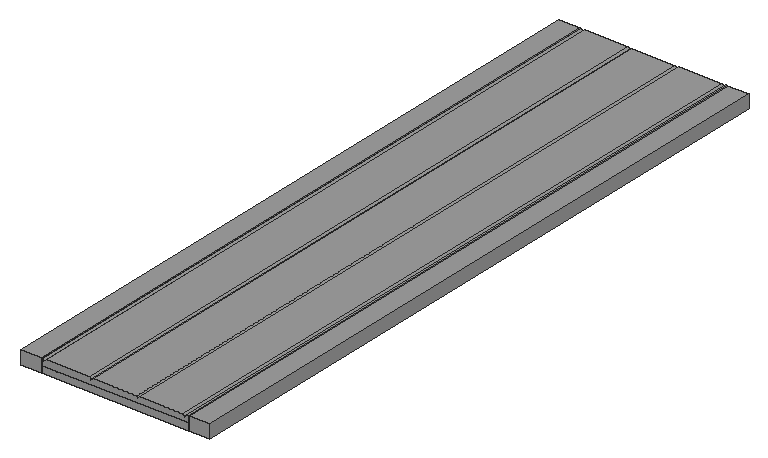
Revit family "Board & Batten", category Generic Models, Revit 2017
Family settings
  Can host rebar = No
  Round Connector Dimension = Use Diameter
  Part Type = Normal
  Work Plane-Based = Yes
  Always vertical = No
  Cut with Voids When Loaded = No
  Shared = No
  Room Calculation Point = No
Parameters
  number of v grooves = 4
  batten size = 0' - 5"
  Visibility Of Crossbuck mirrored = no
  Visibility Of Crossbuck = no
  Visibility Of Center Batten = no
  Visibility Of Batten = no
  URL = "www.newhorizonshutters.com"
  Type Comments = "**** All shutter dimensions and configurations to be approved by NHSI ****"
  Shutter Thickness = 0' - 1 1/4"
  Shutter Height = 5' - 4"
  Shutter Apperance = Default
  Panel_Width = 1' - 6"
  Model = "Board & Batten"
  Manufacturer = "New Horizon Shutters"
  Default Elevation = 4' - 0"
  Batten Spacing = 0' - 5"
Reference planes (in)
  plane 1 "Center (Front/Back)": y = 0
  plane 2: z = 0
  plane 3 "Center (Left/Right)": x = 0
  plane 4: y = 32
  plane 5: y = -32
  plane 6: x = -9
  plane 7: z = 0.625
  plane 8: z = -0.625
  plane 9: x = 9
  plane 10: x = -6.87971
  plane 11: x = 6.86165
  plane 12: y = 27
  plane 13: y = -27
Forms (in)
  Extrusion 1, solid, material "Default" <- "Shutter Apperance"
    sketch origin (9, 0, 0) x (1, 0, 0) y (0, 1, 0)
      loop
        line (0, 32) -> (-2, 32) -> (-2, -32) -> (0, -32) -> (0, 32)
      loop
        line (-18, -32) -> (-16, -32) -> (-16, 32) -> (-18, 32) -> (-18, -32)
    from -0.625 to 0.625
  Extrusion 2, solid, material "Default" <- "Shutter Apperance"
    sketch origin (0, 0, 0) x (1, 0, 0) y (0, 1, 0)
      loop
        line (-7, 32) -> (-7, -32) -> (7, -32) -> (7, 32) -> (-7, 32)
    from 0 to 0.625
  Extrusion 3, void
    sketch origin (-0.13835, 36, 0) x (1, 0, 0) y (0, 0, 1)
      loop
        arc (6.77007, 0.47993) -> (6.8125, 0.46235) -> (6.85493, 0.47993) r 0.06
        line (6.85493, 0.47993) -> (7, 0.625) -> (6.625, 0.625) -> (6.77007, 0.47993)
    from -135.2714 to 156
  Extrusion 4, void
    sketch origin (-13.50471, 0, 0) x (1, 0, 0) y (0, 0, 1)
      loop
        arc (6.77007, 0.47993) -> (6.8125, 0.46235) -> (6.85493, 0.47993) r 0.06
        line (6.85493, 0.47993) -> (7, 0.625) -> (6.625, 0.625) -> (6.77007, 0.47993)
    from -135.2714 to 156
  Extrusion 5, void
    sketch origin (-4.5938, 24, 0) x (1, 0, 0) y (0, 0, 1)
      loop
        arc (6.77007, 0.47993) -> (6.8125, 0.46235) -> (6.85493, 0.47993) r 0.06
        line (6.85493, 0.47993) -> (7, 0.625) -> (6.625, 0.625) -> (6.77007, 0.47993)
    from -135.2714 to 156
  Extrusion 6, solid, material "Default" <- "Shutter Apperance"
    sketch origin (0, 0, 0) x (1, 0, 0) y (0, 0, 1)
      loop
        line (-7, 0) -> (-7, -0.625) -> (7, -0.625) -> (7, 0) -> (-7, 0)
    from -32 to 32
  Extrusion 7, solid, material "Default" <- "Shutter Apperance", visible <- "Visibility Of Batten"
    sketch origin (0, 54.26568, -7.22542) x (0, 1, 0) y (0, 0, 1)
      loop
        line (-27.26568, 7.85042) -> (-27.26568, 8.17364) -> (-27.44246, 8.35042) -> (-32.08891, 8.35042) -> (-32.26568, 8.17364) -> (-32.26568, 7.85042) -> (-27.26568, 7.85042)
    from -8.38483 to 8.3894
  Extrusion 8, solid, material "Default" <- "Shutter Apperance", visible <- "Visibility Of Batten"
    sketch origin (0, -54.26568, -7.22542) x (0, -1, 0) y (0, 0, -1)
      loop
        line (-27.26568, -7.85042) -> (-32.26568, -7.85042) -> (-32.26568, -8.17364) -> (-32.08891, -8.35042) -> (-27.44246, -8.35042) -> (-27.26568, -8.17364) -> (-27.26568, -7.85042)
    from -8.38483 to 8.3894
  Extrusion 9, solid, material "Default" <- "Shutter Apperance", visible <- "Visibility Of Center Batten"
    sketch origin (0, 25.76568, -7.22542) x (0, 1, 0) y (0, 0, 1)
      loop
        line (-23.26568, 7.85042) -> (-23.26568, 8.17364) -> (-23.44246, 8.35042) -> (-28.08891, 8.35042) -> (-28.26568, 8.17364) -> (-28.26568, 7.85042) -> (-23.26568, 7.85042)
    from -8.38483 to 8.3894
  Extrusion 10, solid, material "Default" <- "Shutter Apperance", visible <- "Visibility Of Crossbuck"
    sketch origin (0, 0, 0) x (1, 0, 0) y (0, 1, 0)
      loop
        line (8.3894, -22) -> (-3.38483, 22) -> (-8.38483, 22) -> (3.92736, -22) -> (8.3894, -22)
    from 0.625 to 1.125
  Extrusion 11, void
    sketch origin (-9.04926, 12, 0) x (1, 0, 0) y (0, 0, 1)
      loop
        arc (6.77007, 0.47993) -> (6.8125, 0.46235) -> (6.85493, 0.47993) r 0.06
        line (6.85493, 0.47993) -> (7, 0.625) -> (6.625, 0.625) -> (6.77007, 0.47993)
    from -135.2714 to 156
  Extrusion 12, solid, material "Default" <- "Shutter Apperance", visible <- "Visibility Of Crossbuck mirrored"
    sketch origin (0, 0, 0) x (-1, 0, 0) y (0, -1, 0)
      loop
        line (8.3894, 22) -> (3.92736, 22) -> (-8.38483, -22) -> (-3.38483, -22) -> (8.3894, 22)
    from 0.625 to 1.125
Cuts and joins
  Extrusion 3, Extrusion 4, Extrusion 5, Extrusion 11 cuts Extrusion 2
  Extrusion 11 cuts Extrusion 7
  Extrusion 11 cuts Extrusion 8
  Extrusion 11 cuts Extrusion 9
  Extrusion 11 cuts Extrusion 10
Dimensions and locks (in)
  equal spacing: plane 4, plane 1 "Center (Front/Back)", plane 5
  "Shutter Height": plane 4 to plane 5
  equal spacing: plane 8, level, plane 7
  "Shutter Thickness": plane 8 to plane 7
  locked: Extrusion 1 sketch curve to Extrusion 1 sketch curve at 2
  Extrusion 1 sketch curve to Extrusion 1 sketch curve = 0' - 2"
  equal spacing: group 2, group 4, group 3, group 1  (x2)
  equal spacing: group 1, group 3, group 4, group 2
  locked: Extrusion 1 to cut or joined group of Extrusion 2, Extrusion 3, Extrusion 4, Extrusion 5, Extrusion 11 at 2
  equal spacing: plane 6, plane 3 "Center (Left/Right)", plane 9
  "Panel_Width": plane 6 to plane 9
  locked: cut or joined group of Extrusion 2, Extrusion 3, Extrusion 4, Extrusion 5, Extrusion 11 to plane 9 at 2
  locked: plane 10 to plane 6 at 2.12029
  locked: plane 9 to plane 11 at 2.13835
  "Batten Spacing": plane 4 to plane 12
  locked: plane 6 to Extrusion 7 at 0.61517
  locked: Extrusion 7 to plane 9 at 0.6106
  locked: Extrusion 7 to plane 7 at 0.32322  (x2)
  locked: Extrusion 7 to plane 7 at 0.5
  "batten size": Extrusion 7 to Extrusion 7
  "Batten Spacing": plane 13 to plane 5
  locked: Extrusion 8 to plane 7 at 0.32322  (x2)
  "batten size": Extrusion 8 to Extrusion 8
  "batten size": Extrusion 9 to Extrusion 9
  equal spacing: Extrusion 9, plane 1 "Center (Front/Back)", Extrusion 9
  locked: Extrusion 9 to plane 7 at 0.32322  (x2)
  angle Extrusion 7 to Extrusion 7 = 225.00°  (x4)
  locked: Extrusion 8 to Extrusion 8 (angle 225.00°)  (x3)
  locked: Extrusion 8 to Extrusion 8 (angle 135.00°)
  locked: Extrusion 9 to Extrusion 9 (angle 225.00°)  (x2)
  angle Extrusion 9 to Extrusion 9 = 135.00°
  locked: Extrusion 9 to Extrusion 9 (angle 135.00°)
  aligned and locked: plane 2 to level
  aligned and locked: Extrusion 1 sketch curve to plane 6
  aligned and locked: Extrusion 1 to plane 8
  aligned and locked: plane 7 to Extrusion 1
  aligned and locked: plane 9 to Extrusion 1
  aligned and locked: plane 4 to Extrusion 1  (x2)
  aligned and locked: plane 11 to Extrusion 3
  aligned and locked: Extrusion 4 to plane 10
  aligned and locked: Extrusion 1 to plane 5  (x2)
  aligned and locked: Extrusion 6 sketch curve to cut or joined group of Extrusion 2, Extrusion 3, Extrusion 4, Extrusion 5, Extrusion 11  (x2)
  aligned and locked: Extrusion 6 sketch curve to Extrusion 1
  aligned and locked: Extrusion 1 to Extrusion 6 sketch curve
  aligned and locked: Extrusion 6 to plane 5
  aligned and locked: plane 4 to Extrusion 6
  aligned and locked: plane 7 to cut or joined group of Extrusion 2, Extrusion 3, Extrusion 4, Extrusion 5, Extrusion 11
  aligned and locked: plane 7 to Extrusion 4
  aligned and locked: plane 7 to Extrusion 3
  aligned and locked: Extrusion 1 to cut or joined group of Extrusion 2, Extrusion 3, Extrusion 4, Extrusion 5, Extrusion 11
  aligned and locked: Extrusion 7 to plane 7
  aligned and locked: plane 12 to Extrusion 7
  aligned and locked: Extrusion 8 to plane 13
  aligned and locked: Extrusion 10 to plane 7
  aligned and locked: cut or joined group of Extrusion 7, Extrusion 11 to cut or joined group of Extrusion 9, Extrusion 11
  aligned and locked: cut or joined group of Extrusion 9, Extrusion 11 to cut or joined group of Extrusion 7, Extrusion 11
  aligned and locked: cut or joined group of Extrusion 8, Extrusion 11 to cut or joined group of Extrusion 7, Extrusion 11  (x2)
  aligned and locked: cut or joined group of Extrusion 10, Extrusion 11 to cut or joined group of Extrusion 7, Extrusion 11
  aligned and locked: cut or joined group of Extrusion 10, Extrusion 11 to cut or joined group of Extrusion 8, Extrusion 11
  aligned and locked: cut or joined group of Extrusion 8, Extrusion 11 to Extrusion 10 sketch curve
  aligned and locked: Extrusion 12 to cut or joined group of Extrusion 7, Extrusion 11
  aligned and locked: Extrusion 12 to cut or joined group of Extrusion 8, Extrusion 11
Automatic sketch dimensions
  Extrusion 3 sketch curve to Extrusion 3 sketch curve = 0' - 0.04243"  (x3)
  Extrusion 3 sketch curve to Extrusion 3 sketch curve = 0' - 0.14507"  (x3)
  Extrusion 4 sketch curve to Extrusion 4 sketch curve = 0' - 0.04243"  (x3)
  Extrusion 4 sketch curve to Extrusion 4 sketch curve = 0' - 0.14507"  (x3)
  Extrusion 5 sketch curve to Extrusion 5 sketch curve = 0' - 0.04243"  (x3)
  Extrusion 5 sketch curve to Extrusion 5 sketch curve = 0' - 0.14507"  (x3)
  Extrusion 11 sketch curve to Extrusion 11 sketch curve = 0' - 0.04243"  (x3)
  Extrusion 11 sketch curve to Extrusion 11 sketch curve = 0' - 0.14507"  (x3)
  Extrusion 1 sketch curve to plane 4 = 0' - 0"  (x2)
  Extrusion 1 sketch curve to plane 5 = 0' - 0"  (x2)
  Extrusion 1 sketch curve to plane 9 = 0' - 0"
  Extrusion 2 sketch curve to plane 5 = 0' - 0"
  Extrusion 2 sketch curve to plane 4 = 0' - 0"
  plane 10 to Extrusion 2 sketch curve = 0' - 0.12029"
  plane 11 to Extrusion 2 sketch curve = 0' - 0.13835"
  Extrusion 7 sketch curve to plane 7 = 0' - 0"
  Extrusion 7 sketch curve to plane 12 = 0' - 0"
  Extrusion 7 sketch curve to plane 12 = 0' - 0.17678"
  plane 7 to Extrusion 7 sketch curve = 0' - 0 1/2"
  Extrusion 7 sketch curve to Extrusion 7 sketch curve = 0' - 4.64645"
  Extrusion 7 sketch curve to Extrusion 7 sketch curve = 0' - 0.17678"  (x3)
  Extrusion 8 sketch curve to plane 7 = 0' - 0"
  Extrusion 8 sketch curve to plane 13 = 0' - 0"
  Extrusion 8 sketch curve to plane 13 = 0' - 0.17678"
  Extrusion 8 sketch curve to plane 7 = 0' - 0 1/2"
  Extrusion 8 sketch curve to Extrusion 8 sketch curve = 0' - 4.64645"
  Extrusion 8 sketch curve to Extrusion 8 sketch curve = 0' - 0.17678"  (x3)
  Extrusion 9 sketch curve to plane 7 = 0' - 0"
  plane 1 "Center (Front/Back)" to Extrusion 9 sketch curve = 0' - 2 1/2"
  Extrusion 9 sketch curve to Extrusion 9 sketch curve = 0' - 0.17678"  (x4)
  plane 7 to Extrusion 9 sketch curve = 0' - 0 1/2"
  Extrusion 9 sketch curve to plane 1 "Center (Front/Back)" = 0' - 2.32322"
  plane 6 to Extrusion 10 sketch curve = 0' - 0.61517"
  Extrusion 10 sketch curve to plane 10 = 0' - 3.49488"
  Extrusion 10 sketch curve to plane 11 = 0' - 2.93429"
  Extrusion 10 sketch curve to plane 9 = 0' - 0.6106"
  Extrusion 10 sketch curve to plane 12 = 0' - 5"
  plane 9 to Extrusion 12 sketch curve = 0' - 0.61517"
  plane 11 to Extrusion 12 sketch curve = 0' - 3.47683"
  plane 10 to Extrusion 12 sketch curve = 0' - 2.95235"
  Extrusion 12 sketch curve to plane 6 = 0' - 0.6106"
  Extrusion 12 sketch curve to plane 13 = 0' - 5"
  plane 12 to Extrusion 12 sketch curve = 0' - 5"
